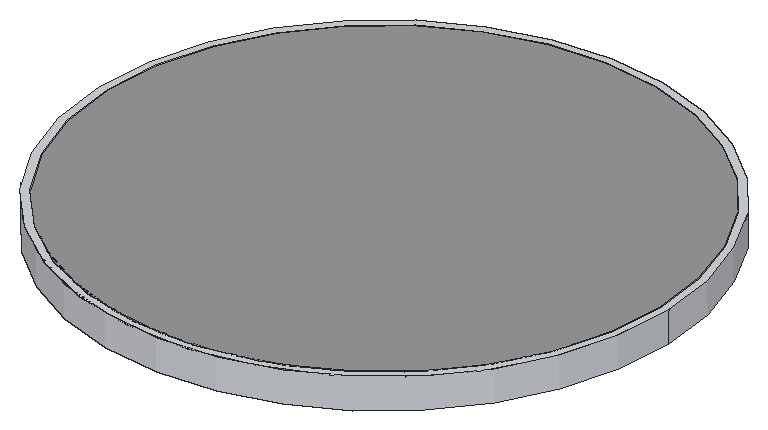
Revit family "2071308", category Lighting Fixtures, host Face, Revit 2018
Family settings
  Host = Face
  Round Connector Dimension = Use Diameter
  Part Type = Junction Box
  OmniClass Number = 23.80.70.00
  OmniClass Title = Lighting
  Cut with Voids When Loaded = No
  Light Source = Yes
  Shared = No
  Room Calculation Point = No
Parameters (values of type "2071308 COLOSSAL 1200 830 OP DIR+H WHT SSC")
  iner diameter = 1168 mm
  Weight = "n/a"
  Wattage Comments = ""
  Wattage = 30 W
  WarrantyStartDate [instance] = "n/a"
  WarrantyGuarantorParts = "n/a"
  WarrantyDurationUnit = "n/a"
  WarrantyDurationParts = ""
  WarrantyDescription = "http://www.sylvania-lighting.com"
  built-in parameter 1150110 = 1 (stored number, unit not read)
  Voltage = 230 V
  URL = "0.95"
  TypeName = "COLOSSAL 1200mm 830 OPAL DIR+HAL WHITE SSC"
  Type Image = <None>
  Type Comments = "n/a"
  built-in parameter 1114217 = 1 (stored number, unit not read)
  Tilt Angle = -90.00°
  built-in parameter 1150109 = 1 (stored number, unit not read)
  built-in parameter 1150134 = (empty or 0)
  built-in parameter 1150113 = 1 (stored number, unit not read)
  SerialNumber [instance] = "n/a"
  Photometric Web File = "2071308.ies"
  Material_3_SYL = LED-Sylvania
  PowerFactor = 0
  PowerConsumption = "Lighting"
  NominalLength = 1168 mm
  NominalHeight = 93 mm
  NominalDepth = 1168 mm
  Name = "COLOSSAL 1200mm 830 OPAL DIR+HAL WHITE SSC"
  ModelReference = Name  # "COLOSSAL 1200mm 830 OPAL DIR+HAL WHITE SSC"
  ModelNumber = "2071308"
  Model = Name  # "COLOSSAL 1200mm 830 OPAL DIR+HAL WHITE SSC"
  Material = "Feilo Sylvania"
  ManufacturerName = "138 lm/W"
  Manufacturer = ""
  LuminousEfficacy = ""
  built-in parameter 1150105 = 270.44 (stored number, unit not read)
  Lumens = 3398.4 lm
  LuminaireType = "0"
  built-in parameter 1150115 = 1 (stored number, unit not read)
  LightOutputRatio = "LED"
  built-in parameter 1150137 = (empty or 0)
  built-in parameter 1150139 = (empty or 0)
  LampsType = Lamp  # "n/a"
  LampNominalLuminous = "3000 K"
  LampMacAdamStep = "80"
  LampColourTemperature = "LED"
  LampColourRenderingIndex = "16500"
  built-in parameter 1150112 = 1 (stored number, unit not read)
  built-in parameter 1150114 = 1 (stored number, unit not read)
  Lamp = "n/a"
  Keynote = "n/a"
  InstallationDate [instance] = "n/a"
  InputVoltage = "0"
  InputNominalFrequency = "3000"
  built-in parameter 1150132 = (empty or 0)
  built-in parameter 1150102 = (empty or 0)
  built-in parameter 1150107 = 3000 (stored number, unit not read)
  built-in parameter 1150138 = (empty or 0)
  IngressProtection = "IfcLightFixtureType"
  ImpactProtectionIndex = "IfcLightFixtureType"
  built-in parameter 1150106 = 2.7044 (stored number, unit not read)
  IfcExportType = "IfcLightFixtureType"
  IfcExportAs = "Class I"
  Emit from Circle Diameter = 385 mm
  Emit Shape Visible in Rendering = no
  ElectricShockClassification = "138"
  built-in parameter 1150104 = 10.524 (stored number, unit not read)
  DocumentationLiterature = "http://www.sylvania-lighting.com/product/en-int/products/2071308"
  DimmingControlOptions = "n/a"
  Material_2_SYL = Polycarbonate_Sylvania_White
  Dimming Lamp Color Temperature Shift = <None>
  Description = "1200mm diameter circular architectural luminaire, can be surface mounted or suspended. Powder coated aluminium housing (RAL9016) with polycarbonate opal diffuser. Direct/indirect (halo) light distribution, 21130lm luminuous flux, 153.6W system power, 138lm/W luminiaire efficacy. Sylsmart Standalone enabled. Colour rendering index Ra >80, 3000K Warm White LED, chromaticity tolerance of 3-step MacAdam ellipse. IP40/IP20, IK03. 450mA drive current. Electrical protection Class1, 220-240V. Reported lifetime 66k hours L90B10."
  Default Elevation = 1219.2 mm
  CreatedOn = "23/03/2022"
  CreatedBy = "@sylvania-lighting.com"
  Cost = 0
  Color Filter = 16777215
  built-in parameter 1114216 [instance] = (empty or 0)
  ClassificationValue = "EF_70_80"
  ClassificationName = "Uniclass2015"
  Material_1_SYL = Polycarbonate_Sylvania_Opal
  BarCode [instance] = "n/a"
  built-in parameter 1114218 = 1 (stored number, unit not read)
  built-in parameter 1150133 = 10 (stored number, unit not read)
  AssetType = "Fixed"
  AssetIdentifier [instance] = "n/a"
  Assembly Code = "D5020200"
  Apparent Load = 153.6 VA
  Material_4_SYL = none
Reference planes
  plane 1 "Center (Front/Back)": y = 0
  plane 2: z = 0
  plane 3 "Center (Left/Right)": x = 0
  plane 4: z = 1.161
  plane 5: z = 16.161
  plane 6: y = 584
  plane 7: y = -584
  plane 8: x = 85
  plane 9: x = -85
  plane 10: through (0, 0, 1219.2) normal (0.5, 0.866, 0)
  plane 11: through (42.5, 73.612, 1219.2) normal (0.5, 0.866, 0)
  plane 12: through (-42.5, -73.612, 1219.2) normal (0.5, 0.866, 0)
  plane 13: through (0, 0, 1219.2) normal (0.5, -0.866, 0)
  plane 14: through (-42.5, 73.612, 1219.2) normal (0.5, -0.866, 0)
  plane 15: through (42.5, -73.612, 1219.2) normal (0.5, -0.866, 0)
  plane 16: z = 93
  plane 17: y = 584
  plane 18: y = -584
  plane 19: y = -429
  plane 20: x = -584
  plane 21: x = 584
Forms (mm)
  Extrusion 1, solid, detail levels medium+fine
    sketch origin (0, 0, 0) x (0.866025, -0.5, 0) y (0.5, 0.866025, 0)
      loop
        circle (-50, 86.603) r 22
    from 0 to 2
  Extrusion 2, solid, detail levels medium+fine
    sketch origin (0, 0, 0) x (0.866025, -0.5, 0) y (0.5, 0.866025, 0)
      loop
        circle (100, 0) r 22
      loop
        circle (-50, -86.603) r 22
    from 0 to 2
  Extrusion 3, solid, detail levels medium+fine
    sketch origin (0, 0, 0) x (1, 0, 0) y (0, 1, 0)
      loop
        circle (0, 0) r 584
    from 30 to 93
  Extrusion 4, void
    sketch origin (0, 0, 0) x (1, 0, 0) y (0, 1, 0)
      loop
        circle (0, 0) r 568
    from 96.588 to 37.292
  Extrusion 5, solid, material "Glass, White, High Luminance", detail levels fine
    sketch origin (0, 0, 0) x (1, 0, 0) y (0, 1, 0)
      loop
        circle (0, 0) r 568
    from 88.022 to 93
  Extrusion 6, solid, detail levels coarse
    sketch origin (0, 0, 0) x (1, 0, 0) y (0, 1, 0)
      loop
        line (-584, 584) -> (-584, -584) -> (584, -584) -> (584, 584) -> (-584, 584)
    from 0 to 93
  Blend 7, solid, detail levels medium+fine
    base sketch origin (-10.814, 11.299, 29.922) x (1, 0, 0) y (0, 1, 0)
      loop
        line (-402.654, -330.622) -> (397.346, -330.622) -> (482.346, -183.398) -> (82.346, 509.423) -> (-87.654, 509.423) -> (-487.654, -183.398) -> (-402.654, -330.622)
    top sketch origin (-10.814, 11.299, 29.922) x (1, 0, 0) y (0, 1, 0)
      loop
        line (-363.391, -306.496) -> (364.632, -306.496) -> (449.632, -159.272) -> (87.132, 468.597) -> (-82.868, 468.597) -> (-445.368, -159.272) -> (-363.391, -306.496)
    from 0 to -30
Cuts and joins
  Extrusion 4 cuts Extrusion 1
  Extrusion 4 cuts Extrusion 2
  Extrusion 4 cuts Extrusion 3
Lines and regions (mm)
  model lines, detail levels medium+fine
    curve 1: circle (0, 0, 0) r 155 normal (0, 0, 1)
  reference lines
    curve 2: circle (0, 0, 0) r 489 normal (0, 0, 1)
    curve 3: circle (0, 0, 0) r 521 normal (0, 0, 1)
    curve 4: line (0, 0, 0) -> (606.218, -350, 0)
    curve 5: line (0, 0, 0) -> (0, 825, 0)
    curve 6: line (0, 0, 0) -> (-623.538, -360, 0)
    curve 7: line (639.013, -270.785, 0) -> (85, 49.075, 0)
    curve 8: line (563.718, -423.612, 0) -> (0, -98.15, 0)
    curve 9: line (85, 49.075, 0) -> (85, 825, 0)
    curve 10: line (-85, 49.075, 0) -> (-85, 825, 0)
    curve 11: line (-85, 49.075, 0) -> (-666.038, -286.388, 0)
    curve 12: line (-581.038, -433.612, 0) -> (0, -98.15, 0)
Dimensions and locks
  plane 4 to level = 1.161 mm
  locked: plane 5 to plane 4 at 15
  "NominalDepth": plane 6 to plane 7
  plane 6 to plane 1 "Center (Front/Back)" to plane 7 = 584 mm, 584 mm
  "NominalHeight": level to plane 16
  equal spacing: plane 17, plane 1 "Center (Front/Back)", plane 18
  "NominalLength": plane 20 to plane 21
  equal spacing: plane 20, plane 3 "Center (Left/Right)", plane 21
  aligned and locked: plane 2 to host face
  aligned and locked: level to host face
  aligned and locked: plane 6 to Extrusion 6
Automatic sketch dimensions
  host sketch curve to host sketch curve = 2438.4 mm  (x2)
  Extrusion 1 sketch curve to plane 3 "Center (Left/Right)" = 0 mm
  Extrusion 1 sketch curve to plane 1 "Center (Front/Back)" = 100 mm
  plane 1 "Center (Front/Back)" to Extrusion 2 sketch curve = 50 mm
  Extrusion 2 sketch curve to plane 3 "Center (Left/Right)" = 86.603 mm
  Extrusion 2 sketch curve to Extrusion 2 sketch curve = 150 mm
  Extrusion 2 sketch curve to Extrusion 2 sketch curve = 86.603 mm
  plane 1 "Center (Front/Back)" to curve 1 = 0 mm
  curve 1 to plane 3 "Center (Left/Right)" = 0 mm
  plane 1 "Center (Front/Back)" to Extrusion 3 sketch curve = 0 mm
  Extrusion 3 sketch curve to plane 3 "Center (Left/Right)" = 0 mm
  plane 1 "Center (Front/Back)" to Extrusion 4 sketch curve = 0 mm
  Extrusion 4 sketch curve to plane 3 "Center (Left/Right)" = 0 mm
  plane 1 "Center (Front/Back)" to Extrusion 5 sketch curve = 0 mm
  Extrusion 5 sketch curve to plane 3 "Center (Left/Right)" = 0 mm
  curve 2 to curve 3 = 0 mm  (x2)
  curve 11 to plane 14 = 0 mm
  curve 6 to plane 13 = 0 mm
  curve 12 to plane 15 = 0 mm
  curve 10 to plane 9 = 0 mm
  curve 12 to plane 3 "Center (Left/Right)" = 0 mm
  plane 1 "Center (Front/Back)" to curve 3 = 0 mm
  curve 3 to plane 3 "Center (Left/Right)" = 0 mm
  curve 7 to plane 8 = 0 mm
  curve 11 to plane 10 = 0 mm
  curve 12 to plane 19 = 4.612 mm
  plane 19 to curve 6 = 69 mm
  plane 19 to curve 11 = 142.612 mm
  plane 19 to curve 8 = 5.388 mm
  plane 19 to curve 4 = 79 mm
  plane 19 to curve 7 = 158.215 mm
  plane 6 to curve 5 = 241 mm
  curve 10 to curve 5 = 0 mm
  curve 5 to curve 9 = 0 mm
  plane 1 "Center (Front/Back)" to curve 6 = 0 mm
  curve 6 to plane 3 "Center (Left/Right)" = 0 mm
  Extrusion 6 sketch curve to plane 7 = 0 mm
  Extrusion 6 sketch curve to plane 6 = 0 mm
  Blend 7 sketch curve to plane 6 = 756.098 mm  (x2)
  Blend 7 sketch curve to Blend 7 sketch curve = 85 mm
  plane 3 "Center (Left/Right)" to Blend 7 sketch curve = 386.532 mm
  plane 8 to Blend 7 sketch curve = 386.532 mm
  Blend 7 sketch curve to plane 6 = 63.278 mm
  Blend 7 sketch curve to plane 6 = 731.972 mm  (x2)
  Blend 7 sketch curve to Blend 7 sketch curve = 81.977 mm
  plane 3 "Center (Left/Right)" to Blend 7 sketch curve = 353.818 mm
  plane 8 to Blend 7 sketch curve = 353.818 mm
  Blend 7 sketch curve to plane 6 = 104.104 mm
  plane 12 to curve 8 = 0 mm
  plane 19 to Blend 7 sketch curve = 109.677 mm
  plane 19 to Blend 7 sketch curve = 133.803 mm
  plane 8 to Extrusion 6 sketch curve = 499 mm
  Extrusion 6 sketch curve to plane 9 = 499 mm
  Blend 7 sketch curve to plane 8 = 13.468 mm
  Blend 7 sketch curve to plane 9 = 13.468 mm
  Blend 7 sketch curve to plane 9 = 328.468 mm
  Blend 7 sketch curve to plane 8 = 8.682 mm
  Blend 7 sketch curve to plane 9 = 8.682 mm
  Blend 7 sketch curve to plane 9 = 289.205 mm
  plane 10 to curve 4 = 0 mm
  plane 11 to curve 7 = 0 mm
  curve 12 to plane 12 = 0 mm
  curve 9 to plane 11 = 0 mm
  radius of Extrusion 1 sketch curve = 22 mm
  radius of Extrusion 2 sketch curve = 22 mm  (x2)
  radius of curve 1 = 155 mm
  radius of Extrusion 3 sketch curve = 584 mm
  radius of Extrusion 4 sketch curve = 568 mm
  radius of Extrusion 5 sketch curve = 568 mm
  radius of curve 2 = 489 mm
  radius of curve 3 = 521 mm
Connectors
  electrical at (0, 0, 30)
    settings: on cut or joined group of Extrusion 3, Extrusion 4, index 1, voltage 0 V, apparent load 0 VA, apparent load phase1 0 VA, apparent load phase2 0 VA, apparent load phase3 0 VA, power factor 1, load classification "Other", number of poles 1, system type 31, power factor state 1, is connector primary yes, connector utility no, sub classification motor no, connector description ""
